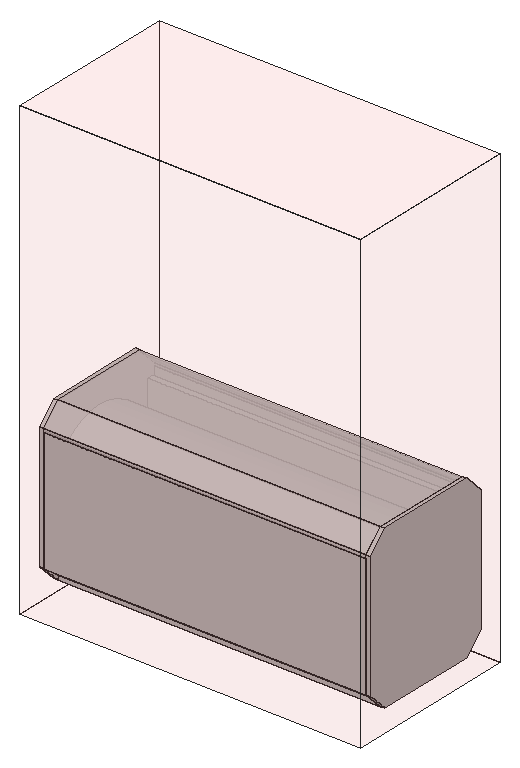
Revit family "Air-Curtain_Specialty_PoweredAire_LDC-Corrosive", category Mechanical Equipment, host Face, Revit 2023
Family settings
  Host = Face
  Round Connector Dimension = Use Diameter
  Part Type = Normal
  OmniClass Number = 23.75.35.17.21
  OmniClass Title = Air Curtains
  Cut with Voids When Loaded = No
  Maintain Annotation Orientation = No
  Shared = No
  Room Calculation Point = No
Parameters
  Warranty Duration (Years) = 0
  Unit Width Notes = "Other Widths available."  # constant formula
  Unit Width = 3' - 0"
  Unit Weight = 0
  Unit Height = 1' - 3"
  Unit Depth = 1' - 5 1/2"
  URL = "http://www.poweredaire.com/"
  Test Data = ""
  Standards Conformance = "as Specified"
  Specification = "http://www.arcat.com/sdspecs/htm04/23_34_33pai.htm"
  SpecWizard = ""
  Sound Pressure = "as Specified"
  Sales Information = "http://www.poweredaire.com/contact_us"
  Revision = "R1_2016-08"
  Projection from Host [instance] = 0' - 2"
  Product Properties = ""
  Product Data = "http://www.arcat.com/arcatcos/cos47/arc47623.html"
  Power Rating = 0 W
  Nozzle Width = if(1 = 1, Unit Width - 0' 1", 0' 0")  # 2' - 11"
  Mounting Width = if(1 = 1, Unit Width - 0' 0 15/16", 0' 0")  # 2' - 11 1/16"
  Mounting Height [instance] = 3' - 6"
  Motor RPM = 0
  Motor HP = 0
  Motor Count = 0
  Model = "As Specified"
  Max Height = 0' - 0"
  Manufacturer Website = "http://www.poweredaire.com/"
  Manufacturer Phone - Toll Free = "888-321-2473"
  Manufacturer Phone = "724-588-3305"
  Manufacturer Fax = "724-588-3371"
  Manufacturer Address = "109 Mortensen Rd.  Greenville, PA 16125"
  Manufacturer = "Powered Aire, Inc"
  Maintenance Schedule (Months) = 0
  Keynote = "23 34 33"
  Installation-Fabrication = ""
  Installation Phase = ""
  Include Clearance [instance] = yes
  Heating Element Load = 0 W
  HVAC_Temperature Rise = 0 °F
  HVAC_Outlet Volume = 0 CFM
  HVAC_Outlet Velocity Uniformity = 0
  HVAC_Outlet Velocity = 0 FPM
  Green Building-LEED = "http://www.arcat.com/green/clients/leed_data_47623.html"
  Front Grating Material [instance] = Metal - Steel - PoweredAire - Stainless 316 Perforated
  Frame Finish [instance] = Metal - Steel - PoweredAire - Stainless 316
  Expected Lifespan (Years) = 0
  Electrical_Wattage [instance] = Power Rating + Heating Element Load  # 0 W
  Electrical_Voltage [instance] = 0 V
  Electrical_Phase [instance] = 1
  Electrical_Frequency [instance] = 0 Hz
  Electrical_Amperage [instance] = 0 A
  Drawn By = "Sumex Design, Inc. / Robert S. Weygant, CSI, CDT, SCIP"
  Description = "Powered Aire Air Curtain as Specified"
  Default Elevation = 0' - 0"  # constant formula
  Copyright = "©Arcat Inc."
  Construction Details = "http://www.arcat.com/details/powair/prod3336.html"
  Clearance_Top [instance] = 0' - 2"
  Clearance_Side B [instance] = 0' - 0 1/2"
  Clearance_Side A [instance] = 0' - 0 1/2"
  Clearance_Intake [instance] = 2' - 6"
  Clearance_Bottom [instance] = 0' - 2"
  Clearance Material [instance] = ARCAT Clearance
  Building Codes = ""
  Available Options [instance] = "as Specified"
  Assembly Code = "D3090400"
Reference planes (in)
  plane 1 "Center (Elevation)": y = 0.13818
  plane 2: z = 0
  plane 3 "Center (Left/Right)": x = 0
  plane 4: y = 7.63818
  plane 5: y = -7.36182
  plane 6: x = -18
  plane 7: x = 18
  plane 8: z = 19.5
  plane 9 "FF": y = -41.86182
  plane 10: z = 2
  plane 11: x = 17.5
  plane 12: x = -17.5
  plane 13: y = 9.63818
  plane 14: y = -9.36182
  plane 15: x = -18.5
  plane 16: x = 18.5
  plane 17: z = 49.5
Forms (in)
  Extrusion 1, solid, material "Metal - Steel - PoweredAire - Stainless 316" <- "Frame Finish"
    sketch origin (0, 0, 0) x (0, 1, 0) y (0, 0, 1)
      loop
        line (5.69363, 2) -> (7.63818, 3.94454) -> (7.63818, 17.55546) -> (5.69363, 19.5) -> (-5.41728, 19.5) -> (-7.36182, 17.55546) -> (-7.36182, 3.94454) -> (-5.41728, 2) -> (5.69363, 2)
    from 17.5 to 18
  Extrusion 2, solid, material "Metal - Steel - PoweredAire - Stainless 316" <- "Frame Finish"
    sketch origin (0, 0, -0.5) x (0, 1, 0) y (0, 0, 1)
      loop
        circle (0.13818, 10.9739) r 6.25
      loop
        line (6.63818, 16.89427) -> (6.63818, 5.87829) -> (7.33849, 5.87829) -> (7.33849, 16.89427) -> (6.63818, 16.89427)
      loop
        line (-7.02798, 16.76927) -> (-7.02798, 5.75329) -> (-6.36182, 5.75329) -> (-6.36182, 16.76927) -> (-7.02798, 16.76927)
    from -17.5 to 17.5
  Extrusion 3, solid, material "Metal - Steel - PoweredAire - Stainless 316" <- "Frame Finish"
    sketch origin (0, 0, 0) x (0, 1, 0) y (0, 0, -1)
      loop
        line (5.69363, -2) -> (-5.41728, -2) -> (-7.36182, -3.94454) -> (-7.36182, -17.55546) -> (-5.41728, -19.5) -> (5.69363, -19.5) -> (7.63818, -17.55546) -> (7.63818, -3.94454) -> (5.69363, -2)
    from 17.5 to 18
  Extrusion 4, solid, material "Metal - Steel - PoweredAire - Stainless 316" <- "Frame Finish"
    sketch origin (0, 0, 0) x (0, 1, 0) y (0, 0, 1)
      loop
        line (-5.41728, 2) -> (5.69363, 2) -> (7.63818, 3.94454) -> (7.63818, 17.19454) -> (7.51318, 17.19454) -> (7.51318, 3.99632) -> (5.64186, 2.125) -> (-5.29228, 2.125) -> (-5.29228, 4.06954) -> (-7.23682, 4.06954) -> (-7.23682, 17.19454) -> (-7.36182, 17.19454) -> (-7.36182, 3.94454) -> (-5.41728, 3.94454) -> (-5.41728, 2)
      loop
        line (-6.64819, 3.61034) -> (-5.8702, 2.83235) -> (-5.74472, 2.95783) -> (-6.52271, 3.73583) -> (-6.64819, 3.61034)
    from -17.5 to 17.5
  Extrusion 5, solid, material "Metal - Steel - PoweredAire - Stainless 316 Perforated" <- "Front Grating Material"
    sketch origin (0, 0, 0) x (0, 1, 0) y (0, 0, 1)
      loop
        line (-7.36182, 17.19454) -> (-7.23682, 17.19454) -> (-7.23682, 17.50368) -> (-5.3655, 19.375) -> (5.64186, 19.375) -> (7.51318, 17.50368) -> (7.51318, 17.19454) -> (7.63818, 17.19454) -> (7.63818, 17.55546) -> (5.69363, 19.5) -> (-5.41728, 19.5) -> (-7.36182, 17.55546) -> (-7.36182, 17.19454)
    from -17.5 to 17.5
  Extrusion 6, solid, material "ARCAT Clearance" <- "Clearance Material", visible <- "Include Clearance"
    sketch origin (0, 0, 0) x (0, 1, 0) y (0, 0, 1)
      loop
        line (-9.36182, 49.5) -> (-9.36182, 0) -> (9.63818, 0) -> (9.63818, 49.5) -> (-9.36182, 49.5)
    from -18.5 to 18.5
Dimensions and locks (in)
  equal spacing: plane 4, plane 1 "Center (Elevation)", plane 5
  "Unit Height": plane 4 to plane 5
  equal spacing: plane 6, plane 3 "Center (Left/Right)", plane 7
  "Unit Width": plane 6 to plane 7
  "Mounting Height": plane 1 "Center (Elevation)" to plane 9 "FF"
  "Projection from Host": plane 10 to level
  "Unit Depth": plane 8 to plane 10
  locked: plane 6 to plane 12 at 0.5
  locked: plane 11 to plane 7 at 0.5
  "Clearance_Side A": plane 7 to plane 16
  "Clearance_Side B": plane 15 to plane 6
  "Clearance_Top": plane 13 to plane 4
  "Clearance_Bottom": plane 5 to plane 14
  "Clearance_Intake": plane 17 to plane 8
  aligned and locked: plane 2 to host face
  aligned and locked: level to host face
  aligned and locked: plane 7 to Extrusion 1
  aligned and locked: Extrusion 1 to plane 11
  aligned and locked: plane 12 to Extrusion 3
  aligned and locked: Extrusion 3 to plane 6
  aligned and locked: Extrusion 2 to plane 12
  aligned and locked: plane 11 to Extrusion 2
  aligned and locked: plane 11 to Extrusion 4
  aligned and locked: Extrusion 4 to plane 12
  aligned and locked: plane 11 to Extrusion 5
  aligned and locked: Extrusion 5 to plane 12
  aligned and locked: Extrusion 6 sketch curve to plane 17
  aligned and locked: plane 14 to Extrusion 6 sketch curve
  aligned and locked: level to Extrusion 6 sketch curve
  aligned and locked: Extrusion 6 sketch curve to plane 13
  aligned and locked: plane 16 to Extrusion 6
  aligned and locked: Extrusion 6 to plane 15
Automatic sketch dimensions
  host sketch curve to host sketch curve = 8' - 0"  (x2)
  Extrusion 1 sketch curve to plane 5 = 0' - 0"
  Extrusion 1 sketch curve to plane 8 = 0' - 0"
  Extrusion 1 sketch curve to plane 10 = 0' - 0"
  Extrusion 1 sketch curve to plane 4 = 0' - 0"
  plane 5 to Extrusion 1 sketch curve = 0' - 1.94454"  (x2)
  Extrusion 1 sketch curve to plane 4 = 0' - 1.94454"  (x2)
  plane 10 to Extrusion 1 sketch curve = 0' - 1.94454"  (x2)
  Extrusion 1 sketch curve to plane 8 = 0' - 1.94454"  (x2)
  Extrusion 2 sketch curve to plane 1 "Center (Elevation)" = 0' - 0"
  plane 5 to Extrusion 2 sketch curve = 0' - 1"
  plane 5 to Extrusion 2 sketch curve = 0' - 0.33384"
  Extrusion 2 sketch curve to plane 4 = 0' - 1"
  Extrusion 2 sketch curve to plane 4 = 0' - 0.29969"
  plane 10 to Extrusion 2 sketch curve = 0' - 3.37829"
  plane 10 to Extrusion 2 sketch curve = 0' - 3.25329"
  Extrusion 2 sketch curve to plane 8 = 0' - 9.0261"
  Extrusion 2 sketch curve to plane 8 = 0' - 3.23073"
  Extrusion 2 sketch curve to plane 8 = 0' - 3.10573"
  Extrusion 3 sketch curve to plane 5 = 0' - 0"
  Extrusion 3 sketch curve to plane 8 = 0' - 0"
  Extrusion 3 sketch curve to plane 10 = 0' - 0"
  Extrusion 3 sketch curve to plane 4 = 0' - 0"
  plane 5 to Extrusion 3 sketch curve = 0' - 1.94454"  (x2)
  Extrusion 3 sketch curve to plane 4 = 0' - 1.94454"  (x2)
  Extrusion 3 sketch curve to plane 8 = 0' - 1.94454"  (x2)
  plane 10 to Extrusion 3 sketch curve = 0' - 1.94454"  (x2)
  Extrusion 4 sketch curve to plane 5 = 0' - 0"
  Extrusion 4 sketch curve to plane 10 = 0' - 0"
  Extrusion 4 sketch curve to plane 4 = 0' - 0"
  plane 5 to Extrusion 4 sketch curve = 0' - 0 1/8"
  plane 5 to Extrusion 4 sketch curve = 0' - 0.71363"
  Extrusion 4 sketch curve to Extrusion 4 sketch curve = 0' - 0.12548"  (x2)
  Extrusion 4 sketch curve to Extrusion 4 sketch curve = 0' - 0.778"
  Extrusion 4 sketch curve to Extrusion 4 sketch curve = 0' - 0.32744"
  Extrusion 4 sketch curve to Extrusion 4 sketch curve = 0' - 0 1/8"  (x2)
  plane 10 to Extrusion 4 sketch curve = 0' - 0 1/8"
  Extrusion 4 sketch curve to plane 4 = 0' - 1.99632"
  Extrusion 4 sketch curve to Extrusion 4 sketch curve = 0' - 0.05178"  (x2)
  plane 10 to Extrusion 4 sketch curve = 0' - 0.83235"
  plane 10 to Extrusion 4 sketch curve = 0' - 1.94454"
  Extrusion 4 sketch curve to Extrusion 4 sketch curve = 0' - 0.3342"
  Extrusion 4 sketch curve to plane 4 = 0' - 0 1/8"
  Extrusion 4 sketch curve to plane 8 = 0' - 2.30546"  (x2)
  Extrusion 5 sketch curve to plane 5 = 0' - 0"
  Extrusion 5 sketch curve to plane 8 = 0' - 0"
  Extrusion 5 sketch curve to plane 4 = 0' - 0"
  plane 5 to Extrusion 5 sketch curve = 0' - 0 1/8"
  plane 5 to Extrusion 5 sketch curve = 0' - 1.94454"
  Extrusion 5 sketch curve to plane 8 = 0' - 0 1/8"
  Extrusion 5 sketch curve to Extrusion 5 sketch curve = 0' - 0.05178"  (x4)
  Extrusion 5 sketch curve to plane 4 = 0' - 1.99632"
  Extrusion 5 sketch curve to plane 8 = 0' - 1.94454"  (x2)
  Extrusion 5 sketch curve to Extrusion 5 sketch curve = 0' - 0 1/8"
  Extrusion 5 sketch curve to Extrusion 5 sketch curve = 0' - 0.30914"  (x2)
  radius of Extrusion 2 sketch curve = 0' - 6 1/4"
Connectors (in)
  electrical at (0, 7.63818, 10.56954), driven by "Electrical_Phase", driven by "Electrical_Voltage"
    settings: on Extrusion 4, index 1, voltage 0 V, apparent load 0 VA, apparent load phase1 0 VA, apparent load phase2 0 VA, apparent load phase3 0 VA, power factor 1, load classification "Motor", number of poles 1, system type 31, power factor state 1, is connector primary yes, connector utility no, sub classification motor no, connector description ""
